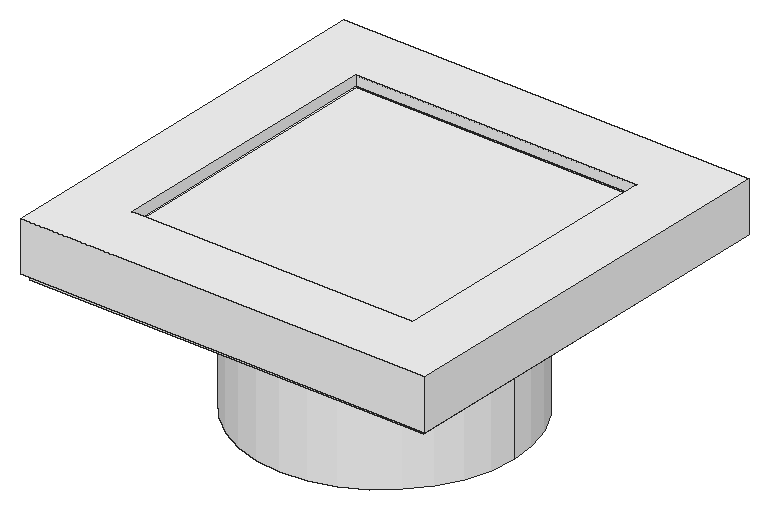
Revit family "Gira_013601", category Electrical Fixtures, host Face, Revit 2017
Family settings
  Host = Face
  Maintain Annotation Orientation = Yes
  Round Connector Dimension = Use Diameter
  Part Type = Normal
  Cut with Voids When Loaded = No
  Shared = No
  Room Calculation Point = No
Parameters (values of type "PB ind.sw. off/2-way System 55 cr.white")
  With mounting plate = "No"
  Wiring system = "Two-way switch"
  White [instance] = White
  Washing machine switch = "No"
  URL = "http://katalog.gira.de/en/datenblatt.html?artikelnr=013601"
  Type of lighting = "Glow lamp"
  Type of fastening = "Mounting with claw and screw"
  Surface protection = "Other"
  Surface finishing = "Glossy"
  Suitable for degree of protection (IP) = "IP20"
  Rated current = "10"
  RAL-number (akin) = "1013"
  Push button switch = "Yes"
  Number of rockers = "1"
  Number of modules (module system) = "1"
  Nominal voltage = "250"
  Name = "PB ind.sw. off/2-way System 55 cr.white"
  Mounting method = "Flush mounted (plaster)"
  Model = "Sys55_Komplettgerät_Schalten und Tasten"
  Method of operation = "Rocker/button"
  Material quality = "Thermoplastic"
  Material = "Plastic"
  Manufacturer URL = "https://www.gira.de/"
  Manufacturer = "Gira"
  Label space/information surface = "No"
  Illumination = "Yes"
  HeinzeBIM = "https://bimportal.heinze.de/bim/pb-ind-sw-off-2-way-system-55-cr-white/3e25f9c4d2456be0d6dce8fb79efa70de88e6c19"
  Halogen free = "Yes"
  HAN = "013601"
  GTIN = "4010337136019"
  Function lighting = "Illuminated (on)"
  Feedback-signal contact = "No"
  Description = "PB ind.sw.off 2-w Sys55 CW,Pushbutton indicator switch 10 AX 250 V~ with rocker,Universal off 2-way switch,cream white glossy,Notes :,- Can also be connected with illumination."
  Default Elevation = 1219.2 mm
  Data sheet (1) = "https://katalog.gira.de/en/download.html?artikelnr=013601"
  Connection type = "Plug clamp"
  Colour = "Cream white (electro white)"
  Category = "Switch"
  BIM (1) = "https://media.stage.bim.site/public/gira/36a6b08/Sys55_Komplettgerät_Schalten und Tasten.rfa?public/gira/36a6b08/Sys55_Komplettgerät_Schalten und Tasten.rfa"
  Available = "No"
  Assembly arrangement = "Basic element with central cover plate"
Reference planes
  plane 1 "Center (Front/Back)": y = 0
  plane 2: z = 0
  plane 3 "Center (Left/Right)": x = 0
Forms (mm)
  Extrusion 1, solid, material "White" <- "White", detail levels medium
    sketch origin (0, 0, 0) x (1, 0, 0) y (0, 1, 0)
      loop
        line (-40.4, 40.4) -> (-40.4, -40.4) -> (40.4, -40.4) -> (40.4, 40.4) -> (-40.4, 40.4)
      loop
        line (-28, 28) -> (-28, -28) -> (28, -28) -> (28, 28) -> (-28, 28)
    from 0 to 10
  Extrusion 2, solid, material "White" <- "White", detail levels fine
    sketch origin (0, 0, 0) x (1, 0, 0) y (0, 1, 0)
      loop
        line (-40.4, 40.4) -> (-40.4, -40.4) -> (40.4, -40.4) -> (40.4, 40.4) -> (-40.4, 40.4)
      loop
        line (-28, 28) -> (-28, -28) -> (28, -28) -> (28, 28) -> (-28, 28)
    from 0 to 10
  Extrusion 3, void
    sketch origin (0, 0, 0) x (1, 0, 0) y (0, 1, 0)
      loop
        line (-38.4, 38.4) -> (-38.4, -38.4) -> (38.4, -38.4) -> (38.4, 38.4) -> (-38.4, 38.4)
    from 0 to 8
  Extrusion 4, solid, material "White" <- "White", detail levels medium+fine
    sketch origin (0, 0, 0) x (1, 0, 0) y (0, 1, 0)
      loop
        line (-39.4, 39.4) -> (-39.4, -39.4) -> (39.4, -39.4) -> (39.4, 39.4) -> (-39.4, 39.4)
    from 0 to -1
  Extrusion 5, solid, material "White" <- "White", detail levels medium+fine
    sketch origin (0, 0, 0) x (1, 0, 0) y (0, 1, 0)
      loop
        line (-35.5, 35.5) -> (-35.5, -35.5) -> (35.5, -35.5) -> (35.5, 35.5) -> (-35.5, 35.5)
    from -2 to -3
  Extrusion 6, solid, material "White" <- "White", detail levels medium+fine
    sketch origin (0, 0, 0) x (1, 0, 0) y (0, 1, 0)
      loop
        circle (0, 0) r 26
    from 0 to -27.5
  Extrusion 7, solid, material "White" <- "White", detail levels coarse
    sketch origin (0, 0, 0) x (1, 0, 0) y (0, 1, 0)
      loop
        line (-40.4, 40.4) -> (-40.4, -40.4) -> (40.4, -40.4) -> (40.4, 40.4) -> (-40.4, 40.4)
    from -27.5 to 10
Cuts and joins
  Extrusion 3 cuts Extrusion 2
Dimensions and locks
  aligned and locked: plane 2 to host face
  aligned and locked: level to host face
  aligned and locked: plane 3 "Center (Left/Right)" to nested 2
  aligned and locked: plane 1 "Center (Front/Back)" to nested 2
Nested families
  nested 1: "Sys55_Abdeckung_Schalten und Tasten_floor_base" at (0, 0, 0), type "Sys55_Abdeckung_Schalten und Tasten_floor_base"
  nested 2: "Schalter" at (0, 0, 0), type "Schalter"
Connectors
  electrical at (0, 0, -27.5)
    settings: on Extrusion 6, index 1, voltage 220 V, apparent load 0 VA, apparent load phase1 0 VA, apparent load phase2 0 VA, apparent load phase3 0 VA, power factor 1, load classification "Other", number of poles 1, system type 30, power factor state 1, is connector primary yes, connector utility no, sub classification motor no, connector description ""
Definition of nested family "Sys55_Abdeckung_Schalten und Tasten_floor_base"
  Parameters
    Default Elevation = 1219.2 mm
    White [instance] = none
  Reference planes
    plane 1 "Center (Front/Back)": y = 0
    plane 2: z = 0
    plane 3 "Center (Left/Right)": x = 0
  Forms (mm)
    Extrusion 1, solid
      sketch origin (0, 0, 0) x (1, 0, 0) y (0, 1, 0)
        loop
          line (-1219.2, 1219.2) -> (-1219.2, -1219.2) -> (1219.2, -1219.2) -> (1219.2, 1219.2) -> (-1219.2, 1219.2)
      from 0 to -304.8
    Extrusion 2, solid, material <- "White", detail levels fine
      sketch origin (0, 0, 0) x (1, 0, 0) y (0, 1, 0)
        loop
          line (-27.5, 27.5) -> (-27.5, -27.5) -> (27.5, -27.5) -> (27.5, 27.5) -> (-27.5, 27.5)
      from 0 to 8
    Extrusion 3, void
      sketch origin (0, 0, 0) x (1, 0, 0) y (0, 1, 0)
        loop
          line (26, 26) -> (-26, 26) -> (-26, -26) -> (26, -26) -> (26, 26)
      from 0 to 6
    Extrusion 4, solid, material <- "White", detail levels medium
      sketch origin (0, 0, 0) x (1, 0, 0) y (0, 1, 0)
        loop
          line (-27.5, 27.5) -> (-27.5, -27.5) -> (27.5, -27.5) -> (27.5, 27.5) -> (-27.5, 27.5)
      from 0 to 8
    Extrusion 5, solid, material <- "White", detail levels medium
      sketch origin (0, 0, 0) x (1, 0, 0) y (0, 1, 0)
        loop
          line (11, -17.5) -> (11, 17.5) -> (-11, 17.5) -> (-11, -17.5) -> (11, -17.5)
      from -6 to 6
    Extrusion 6, solid, material <- "White", detail levels fine
      sketch origin (0, 0, 0) x (1, 0, 0) y (0, 1, 0)
        loop
          line (11, 17.5) -> (-11, 17.5) -> (-11, 16.5) -> (11, 16.5) -> (11, 17.5)
        loop
          line (-11, -16.5) -> (-11, -17.5) -> (11, -17.5) -> (11, -16.5) -> (-11, -16.5)
      from -4 to 6
    Extrusion 7, solid, material <- "White", detail levels fine
      sketch origin (0, 0, 0) x (1, 0, 0) y (0, 1, 0)
        loop
          arc (5, 9.347) -> (0, 10.6) -> (-5, 9.347) r 10.6
          line (-5, 9.347) -> (-5, -9.347)
          arc (-5, -9.347) -> (0, -10.6) -> (5, -9.347) r 10.6
          line (5, -9.347) -> (5, 9.347)
      from -6 to 6
    Extrusion 8, solid, material <- "White", detail levels coarse
      sketch origin (0, 0, 0) x (1, 0, 0) y (0, 1, 0)
        loop
          line (-27.5, 27.5) -> (-27.5, -27.5) -> (27.5, -27.5) -> (27.5, 27.5) -> (-27.5, 27.5)
      from -6 to 8
  Cuts and joins
    Extrusion 3 cuts Extrusion 2
  Dimensions and locks
    aligned and locked: plane 2 to Extrusion 1
    aligned and locked: level to Extrusion 1
Definition of nested family "Schalter"
  Reference planes
    plane 1: y = 0
    plane 2: x = 0
  Lines and regions (mm)
    detail lines
      curve 1: circle (1.375, 2.778, 0) r 0.8 normal (0, 0, 1)
      curve 2: line (1.021, 2.061, 0) -> (0, 0, 0)
      curve 3: line (0, 0, 0) -> (-0.538, 0.266, 0)
  Dimensions and locks
    curve 2 to curve 2 = 2.3 mm
    curve 3 to curve 2 = 0.6 mm
    radius of curve 1 = 0.8 mm
